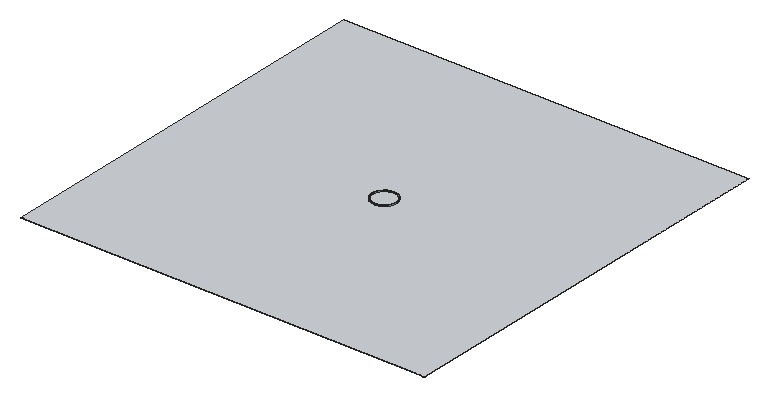
Revit family "LAMP_KOMBIC 150 ROUND IP40 TW OPTIC", category Luminarias, Revit 2018
Family settings
  Anfitrión = Cara
  Cota de conector redondo = Diámetro de uso
  Tipo de pieza = Normal
  Corte con vacíos al cargar = No
  Origen de luz = Sí
  Compartido = No
  Punto de cálculo de habitación = No
Parameters (values of type "1352LM 2700-5000K DALI B/B")
  Ángulo de inclinación = -90.00°
  Weight = 0.80 kg
  Wattage = 23.9 W
  UGR = "19"
  Type = "COB PHILIPS"
  built-in parameter 1150107 = 3000 (stored number, unit not read)
  Recessed diameter = 145 mm
  built-in parameter 1150110 = 1 (stored number, unit not read)
  built-in parameter 1150109 = 1 (stored number, unit not read)
  built-in parameter 1150112 = 1 (stored number, unit not read)
  built-in parameter 1150113 = 1 (stored number, unit not read)
  built-in parameter 1114218 = 1 (stored number, unit not read)
  Protection rating = "IP40"
  Product datasheet = "http://www.lamp.es/product-files/TECH/K21RD3040WF9TWDBB-EN.pdf"
  Product code = "K21RD3040WF9TWDBB"
  Product URL = "https://www.lamp.es/en/family/kombic-downlight_33313"
  Power Supply = "220-240V 50/60Hz"
  Power = 20 W
  Plum = 23.9 W
  built-in parameter 1150137 = (empty or 0)
  built-in parameter 1150132 = 2
  Modelo = Product code  # "K21RD3040WF9TWDBB"
  Material reflector = LAMP_PC Reflector Kombic Metalizado Negro
  Material optica = LAMP_PMMA Optica Kombic100
  Material disipador = LAMP_Aluminio Disipador Kombic
  Material difusor = LAMP_PMMA Difusor Kombic
  Material aro = LAMP_Plástico genérico NG
  Material COB = LAMP_COB
  Manufacturer name = "LAMP"
  Manufacturer country = "Spain"
  Manufacturer URL = "http://www.lamp.es/en"
  MacAdam = "3"
  Luminaire type = "Downlight"
  Last update = "26/08/2021"
  Lamp = "COB LED"
  LED Lifetime = "50.000 L80 B10"
  built-in parameter 1150105 = 1545 (stored number, unit not read)
  built-in parameter 1150102 = (empty or 0)
  Insulation class = "II"
  Installation instructions = "https://www.lamp.es/product-files/packed/by-family/33313_INS_all.zip"
  Initial color = "2700-5000K"
  built-in parameter 1150106 = 15.45 (stored number, unit not read)
  IEE = "A"
  Height = 100 mm
  Gear = "Electronic"
  Lumens = 1352.74 lm
  Finish = "Matte black RAL 9011"
  Color Filter = 16777215
  built-in parameter 1114217 = 1 (stored number, unit not read)
  built-in parameter 1150139 = (empty or 0)
  Fabricante = Manufacturer name  # "LAMP"
  Default Elevation = 1219.2 mm
  built-in parameter 1150104 = 5.2583 (stored number, unit not read)
  Efficacy = 56.6 lm/W
  Diameter = 150 mm
  built-in parameter 1150115 = 1 (stored number, unit not read)
  built-in parameter 1150114 = 1 (stored number, unit not read)
  built-in parameter 1150138 = (empty or 0)
  built-in parameter 1150134 = (empty or 0)
  Dimming Lamp Color Temperature Shift = (empty or 0)
  CRI = "90"
  Archivo de red fotométrica = "K21RD3040WF9TWDBB.IES"
  built-in parameter 1150133 = 10 (stored number, unit not read)
Types (4, lengths in mm): name | Product datasheet | Product code | Modelo | Material reflector | Material aro | built-in parameter 1150105 | built-in parameter 1150106 | Lumens | Finish | built-in parameter 1150104 | Efficacy | Archivo de red fotométrica
  1352LM 2700-5000K DALI B/B | "http://www.lamp.es/product-files/TECH/K21RD3040WF9TWDBB-EN.pdf" | "K21RD3040WF9TWDBB" | "K21RD3040WF9TWDBB" | LAMP_PC Reflector Kombic Metalizado Negro | LAMP_Plástico genérico NG | 1545 (stored number, unit not read) | 15.45 (stored number, unit not read) | 1352.74 lm | "Matte black RAL 9011" | 5.2583 (stored number, unit not read) | 56.6 lm/W | "K21RD3040WF9TWDBB.IES"
  1352LM 2700-5000K DALI B/W | "http://www.lamp.es/product-files/TECH/K21RD3040WF9TWDBW-EN.pdf" | "K21RD3040WF9TWDBW" | "K21RD3040WF9TWDBW" | LAMP_PC Reflector Kombic Metalizado Negro | LAMP_Plástico genérico BL | 1545 (stored number, unit not read) | 15.45 (stored number, unit not read) | 1352.74 lm | "Shiny white RAL 9010" | 5.2583 (stored number, unit not read) | 56.6 lm/W | "K21RD3040WF9TWDBW.IES"
  1362LM 2700-5000K DALI M/W | "http://www.lamp.es/product-files/TECH/K21RD3040WF9TWDMW-EN.pdf" | "K21RD3040WF9TWDMW" | "K21RD3040WF9TWDMW" | LAMP_PC Reflector Kombic Metalizado Mate | LAMP_Plástico genérico BL | 1555.9 (stored number, unit not read) | 15.559 (stored number, unit not read) | 1362.3 lm | "Shiny white RAL 9010" | 5.2955 (stored number, unit not read) | 57 lm/W | "K21RD3040WF9TWDMW.IES"
  1381LM 2700-5000K DALI W/W | "http://www.lamp.es/product-files/TECH/K21RD3040WF9TWDWW-EN.pdf" | "K21RD3040WF9TWDWW" | "K21RD3040WF9TWDWW" | LAMP_PC Reflector Kombic Blanco | LAMP_Plástico genérico BL | 1577.8 (stored number, unit not read) | 15.778 (stored number, unit not read) | 1381.42 lm | "Matte white RAL 9010" | 5.3698 (stored number, unit not read) | 57.8 lm/W | "K21RD3040WF9TWDWW.IES"
Reference planes
  plane 1 "Centro (Frontal/Posterior)": y = 0
  plane 2: z = 0
  plane 3 "Centro (Izquierda/Derecha)": x = 0
Forms (mm)
  Extrusion 1, solid
    sketch origin (0, 0, 0) x (1, 0, 0) y (0, 1, 0)
      loop
        line (-1219.2, 1219.2) -> (-1219.2, -1219.2) -> (1219.2, -1219.2) -> (1219.2, 1219.2) -> (-1219.2, 1219.2)
    from 0 to -1
  Revolve 2, solid, material "LAMP_Plástico genérico NG" <- "Material aro"
    sketch origin (0, 0, 1.5) x (-1, 0, 0) y (0, 0, -1)
      loop
        arc (63.285, 25.939) -> (56.992, 30.773) -> (49.333, 32.85) r 20.471
        line (49.333, 32.85) -> (49.333, 30.55)
        arc (49.333, 30.55) -> (65.429, 20.082) -> (70.259, 1.5) r 26.552
        line (70.259, 1.5) -> (69.259, 1.5) -> (69.259, 0) -> (75, 0) -> (75, 1.5) -> (71.74, 1.5)
        arc (71.74, 1.5) -> (69.911, 14.549) -> (63.285, 25.939) r 34.204
      axis (0, 32.85) -> (0, 0)
    angle from 0 to 360
  Revolve 3, solid, material "LAMP_Aluminio Disipador Kombic" <- "Material disipador"
    sketch origin (0, 0, 1.5) x (-1, 0, 0) y (0, 0, -1)
      loop
        line (-57.5, 32.85) -> (0, 32.85) -> (0, 97.85) -> (-57.5, 97.85) -> (-57.5, 32.85)
      axis (0, 97.85) -> (0, 32.85)
    angle from 0 to 360
  Revolve 4, solid, material "LAMP_PC Reflector Kombic Metalizado Negro" <- "Material reflector"
    sketch origin (0, 0, 0) x (1, 0, 0) y (0, 0, 1)
      loop
        line (-69.259, 0) -> (-70.259, 0)
        arc (-70.259, 0) -> (-52.467, -23.183) -> (-23.839, -29.05) r 41.807
        line (-23.839, -29.05) -> (-23.839, -28.081)
        arc (-23.839, -28.081) -> (-51.294, -21.716) -> (-69.259, 0) r 44.012
      axis (0, 0) -> (0, -29.05)
    angle from 0 to 360
  Extrusion 5, solid, material "LAMP_COB" <- "Material COB"
    sketch origin (0, 0, 0) x (1, 0, 0) y (0, 1, 0)
      loop
        circle (0, 0) r 13
    from -31.35 to -30.4
  Blend 6, solid, material "LAMP_PMMA Optica Kombic100" <- "Material optica"
    base sketch origin (0, 0, 0) x (1, 0, 0) y (0, 1, 0)
      loop
        circle (0, 0) r 13
    top sketch origin (0, 0, 0) x (1, 0, 0) y (0, 1, 0)
      loop
        circle (0, 0) r 23.839
    from -31.35 to -28.081
Text (mm)
  text "Any modification of the parameters and properties of the LAMP BIM models must be executed and validated by the LAMP technical department.\nPhone: +34 93 736 68 00\nE-mail: lamp@lamp.es\n\nLAMP reserves the right to modify the technical specifications of its products." at (-2876.262, -5833.446, 1777.952), in view "Preview"
Dimensions and locks
  aligned and locked: plane 2 to Extrusion 1
  aligned and locked: level to Extrusion 1
Connectors
  electrical at (0, 0, -73.85)
    settings: on Revolve 3, index 1, voltage 230 V, apparent load 0 VA, apparent load phase1 0 VA, apparent load phase2 0 VA, apparent load phase3 0 VA, power factor 1, load classification "Otro", number of poles 1, system type 30, power factor state 1, is connector primary yes, connector utility no, sub classification motor no, connector description ""
